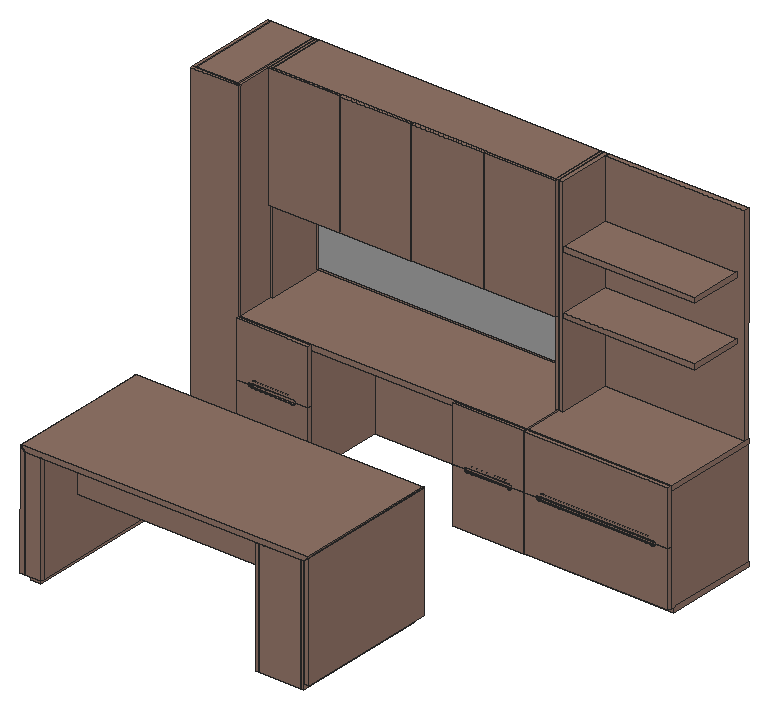
Revit family "OFS TYPICAL S100003", category Furniture, Revit 2022 (continued)
Definition of nested family "OFS SLATE CREDENZAS"
  Definition of nested family "OFS_Slate Private Office_Credenzas_Overlay Lateral File Doors"
    Forms (in)
      Sweep 14, void
        path origin (-3.76383, -25.58661, 47.24409) x (-1, 0, 0) y (0, 0, 1)
          loop
            line (-27.13633, -29.82608) -> (-40.39133, -29.82608)
            arc (-40.39133, -29.82608) -> (-41.2031, -30.63785) -> (-40.39133, -31.44961) r 0.81176
            line (-40.39133, -31.44961) -> (-27.13633, -31.44961)
            arc (-27.13633, -31.44961) -> (-26.32457, -30.63785) -> (-27.13633, -29.82608) r 0.81176
        profile origin (30, -25.58661, 17.41801) x (0, 0, -1) y (0, 1, 0)
          loop
            line (0.74926, 0) -> (0.74926, 0.59375) -> (0.23364, 0.59375)
            arc (0.23364, 0.59375) -> (0.00071, 0.38112) -> (0.19126, 0.12981) r 0.2339
            arc (0.19126, 0.12981) -> (0.23287, 0.10547) -> (0.24927, 0.06015) r 0.07084
            line (0.24927, 0.06015) -> (0.24927, 0) -> (0.74926, 0)
      Extrusion 15, solid, material <- "Drawers", visible <- "4 Drawers"
        sketch origin (30, -60, -12) x (0, 0, -1) y (0, -1, 0)
          loop
            line (-42.325, -35.16339) -> (-28.66875, -35.16339) -> (-28.66875, -34.41339) -> (-42.325, -34.41339) -> (-42.325, -35.16339)
          loop
            line (-28.54375, -35.16339) -> (-13.7, -35.16339) -> (-13.7, -34.41339) -> (-28.54375, -34.41339) -> (-28.54375, -35.16339)
        from 0.125 to 10.1875
      Extrusion 16, solid, material <- "Drawers", visible <- "4 Drawers"
        sketch origin (30, -60, -12) x (0, 0, -1) y (0, -1, 0)
          loop
            line (-42.325, -35.16339) -> (-28.66875, -35.16339) -> (-28.66875, -34.41339) -> (-42.325, -34.41339) -> (-42.325, -35.16339)
          loop
            line (-28.54375, -35.16339) -> (-13.7, -35.16339) -> (-13.7, -34.41339) -> (-28.54375, -34.41339) -> (-28.54375, -35.16339)
        from -0.125 to -10.1875
      Sweep 17, void
        path origin (-3.76383, -25.58661, 47.24409) x (-1, 0, 0) y (0, 0, 1)
          loop
            line (-16.88624, -29.82608) -> (-30.14124, -29.82608)
            arc (-30.14124, -29.82608) -> (-30.953, -30.63785) -> (-30.14124, -31.44961) r 0.81176
            line (-30.14124, -31.44961) -> (-16.88624, -31.44961)
            arc (-16.88624, -31.44961) -> (-16.07448, -30.63785) -> (-16.88624, -29.82608) r 0.81176
        profile origin (19.74991, -25.58661, 17.41801) x (0, 0, -1) y (0, 1, 0)
          loop
            line (0.74926, 0) -> (0.74926, 0.59363) -> (0.23316, 0.59363)
            arc (0.23316, 0.59363) -> (-0.0007, 0.37998) -> (0.191, 0.12781) r 0.23482
            arc (0.191, 0.12781) -> (0.23279, 0.10343) -> (0.24927, 0.05795) r 0.07102
            line (0.24927, 0.05795) -> (0.24927, 0) -> (0.74926, 0)
      Sweep 18, void
        path origin (93.76383, -25.58661, 47.24409) x (1, 0, 0) y (0, 0, -1)
          loop
            arc (-46.88624, 29.82608) -> (-46.07448, 30.63785) -> (-46.88624, 31.44961) r 0.81176
            line (-46.88624, 31.44961) -> (-60.14124, 31.44961)
            arc (-60.14124, 31.44961) -> (-60.953, 30.63785) -> (-60.14124, 29.82608) r 0.81176
            line (-60.14124, 29.82608) -> (-46.88624, 29.82608)
        profile origin (40.25009, -25.58661, 17.41801) x (0, 0, 1) y (0, 1, 0)
          loop
            line (-0.74926, 0) -> (-0.24927, 0) -> (-0.24927, 0.05795)
            arc (-0.24927, 0.05795) -> (-0.23279, 0.10343) -> (-0.191, 0.12781) r 0.07102
            arc (-0.191, 0.12781) -> (0.0007, 0.37998) -> (-0.23316, 0.59363) r 0.23482
            line (-0.23316, 0.59363) -> (-0.74926, 0.59363) -> (-0.74926, 0)
    Cuts and joins
      joined: Revolve 1, Revolve 2, Revolve 3, Revolve 4
      joined: Extrusion 8, Extrusion 10
      joined: Sweep 5, Extrusion 13
      Sweep 14 cuts Extrusion 11
      Sweep 17, Sweep 18 cuts Extrusion 15
      Sweep 18 cuts Extrusion 16
    Lines and regions (in)
      Masking region 1, visible <- "Overlay Lateral File"
        outline origin (77.82463, -60, 30.3875) x (0, -1, 0) y (1, 0, 0)
          loop
            line (-60, -77.82463) -> (-34.41339, -77.82463) -> (-34.41339, -17.82463) -> (-60, -17.82463) -> (-60, -77.82463)
    Dimensions and locks (in)
      "Width 1": plane 3 "Center (Left/Right)" to plane 5
      equal spacing: plane 3 "Center (Left/Right)", plane 17, plane 5
      locked: plane 18 to Extrusion 11 sketch curve at 0.125
      locked: plane 19 to Extrusion 11 sketch curve at 0.125
      locked: Extrusion 7 sketch curve to plane 3 "Center (Left/Right)" at 1.9375
      locked: plane 20 to Extrusion 9 sketch curve at 0.125
      equal spacing: Sweep 14 sketch curve, plane 17, Sweep 14 sketch curve
      "Length 1": Sweep 14 sketch curve to Sweep 14 sketch curve
      Extrusion 13 sketch curve to Extrusion 13 sketch curve to plane 9 = 0' - 0" locked, 0' - 1 15/16" locked
      locked: plane 3 "Center (Left/Right)" to Extrusion 13 sketch curve at 1.9375
      locked: Sweep 17 sketch curve to plane 17 at 3.62259
      "Length 1": Sweep 17 sketch curve to Sweep 17 sketch curve
      "Length 1": Sweep 18 sketch curve to Sweep 18 sketch curve
      locked: plane 17 to Sweep 18 sketch curve at 3.62259
      plane 3 "Center (Left/Right)" to plane 10 to plane 6 to plane 20 = 0' - 0 1/8" locked, 0' - 0 5/8" locked, 0' - 1 1/16" locked
      plane 22 to plane 21 to plane 4 to plane 11 to plane 5 = 0' - 0 1/8" locked, 0' - 1 1/16" locked, 0' - 0 5/8" locked, 0' - 0 1/8" locked
      "Length 2": plane 20 to plane 18
      "Length 2": plane 19 to plane 21
      aligned and locked: level to plane 2
      aligned and locked: plane 9 to Sweep 5 sketch curve
      aligned and locked: Extrusion 10 to plane 19
      aligned and locked: Extrusion 11 sketch curve to Extrusion 11 sketch curve  (x2)
      aligned and locked: cut or joined group of Extrusion 8, Extrusion 10 to plane 18
      aligned and locked: cut or joined group of Extrusion 8, Extrusion 10 to plane 19
      aligned and locked: plane 21 to Extrusion 12
      aligned and locked: plane 21 to cut or joined group of Extrusion 8, Extrusion 10
      aligned and locked: Extrusion 6 to plane 22
      aligned and locked: Extrusion 7 sketch curve to plane 22
      aligned and locked: Extrusion 13 sketch curve to plane 22
      aligned and locked: plane 5 to Extrusion 13 sketch curve
      aligned and locked: plane 9 to Extrusion 13 sketch curve  (x2)
      aligned and locked: Extrusion 13 sketch curve to plane 3 "Center (Left/Right)"
      aligned and locked: plane 22 to Extrusion 9 sketch curve
      aligned and locked: Masking region 1 sketch curve to Extrusion 7
      aligned and locked: cut or joined group of Extrusion 11, Sweep 14 to cut or joined group of Extrusion 15, Sweep 17, Sweep 18
      aligned and locked: cut or joined group of Extrusion 16, Sweep 18 to cut or joined group of Extrusion 11, Sweep 14
    Automatic sketch dimensions
      Revolve 1 sketch curve to plane 12 = 0' - 0"
      Revolve 1 sketch curve to level = 0' - 0"  (x2)
      Revolve 1 sketch curve to plane 6 = 0' - 0 7/32"
      plane 6 to Revolve 1 sketch curve = 0' - 0.02625"
      plane 6 to Revolve 1 sketch curve = 0' - 0 1/32"
      Revolve 1 sketch curve to Revolve 1 sketch curve = 0' - 0.03868"
      level to Revolve 1 sketch curve = 0' - 0.13"
      Revolve 1 sketch curve to Revolve 1 sketch curve = 0' - 0"
      Revolve 1 sketch curve to level = 0' - 0.09316"
      Revolve 2 sketch curve to plane 12 = 0' - 0"
      Revolve 2 sketch curve to level = 0' - 0"  (x2)
      Revolve 2 sketch curve to plane 4 = 0' - 0 7/32"
      plane 4 to Revolve 2 sketch curve = 0' - 0.02625"
      plane 4 to Revolve 2 sketch curve = 0' - 0 1/32"
      Revolve 2 sketch curve to Revolve 2 sketch curve = 0' - 0.03868"
      Revolve 2 sketch curve to plane 12 = 0' - 0.19756"
      Revolve 2 sketch curve to Revolve 2 sketch curve = 0' - 0"
      Revolve 2 sketch curve to Revolve 2 sketch curve = 0' - 0.09316"
      Revolve 3 sketch curve to plane 12 = 0' - 0"
      Revolve 3 sketch curve to level = 0' - 0"  (x2)
      plane 4 to Revolve 3 sketch curve = 0' - 0.06992"
      plane 4 to Revolve 3 sketch curve = 0' - 0 1/32"
      plane 4 to Revolve 3 sketch curve = 0' - 0.02625"
      Revolve 3 sketch curve to plane 4 = 0' - 0 7/32"
      level to Revolve 3 sketch curve = 0' - 0.13"
      Revolve 3 sketch curve to Revolve 3 sketch curve = 0' - 0"
      Revolve 3 sketch curve to Revolve 3 sketch curve = 0' - 0.09316"
      Revolve 4 sketch curve to plane 12 = 0' - 0"
      Revolve 4 sketch curve to level = 0' - 0"  (x2)
      Revolve 4 sketch curve to plane 6 = 0' - 0 7/32"
      plane 6 to Revolve 4 sketch curve = 0' - 0.02625"
      plane 6 to Revolve 4 sketch curve = 0' - 0 1/32"
      Revolve 4 sketch curve to Revolve 4 sketch curve = 0' - 0.03868"
      Revolve 4 sketch curve to Revolve 4 sketch curve = 0' - 0.13"
      Revolve 4 sketch curve to Revolve 4 sketch curve = 0' - 0"
      Revolve 4 sketch curve to level = 0' - 0.09316"
      Sweep 5 sketch curve to plane 5 = 0' - 0"
      Sweep 5 sketch curve to plane 3 "Center (Left/Right)" = 0' - 0"
      Sweep 5 sketch curve to plane 12 = 0' - 0"
      Sweep 5 sketch curve to profile plane = 0' - 0"
      profile plane to Sweep 5 sketch curve = 0' - 0 3/4"
      Sweep 5 sketch curve to Sweep 5 sketch curve = 0' - 1 1/4"
      Extrusion 6 sketch curve to plane 12 = 0' - 0"
      Extrusion 6 sketch curve to plane 1 "Center (Front/Back)" = 0' - 0"
      plane 14 to Extrusion 6 sketch curve = 0' - 0.62544"
      plane 13 to Extrusion 6 sketch curve = 0' - 1 3/16"
      Extrusion 7 sketch curve to plane 3 "Center (Left/Right)" = 0' - 0"
      plane 5 to Extrusion 7 sketch curve = 0' - 0"
      plane 12 to Extrusion 7 sketch curve = 0' - 1 1/4"  (x2)
      plane 13 to Extrusion 7 sketch curve = 0' - 1 3/16"  (x2)
      Extrusion 8 sketch curve to plane 8 = 0' - 0"
      plane 13 to Extrusion 8 sketch curve = 0' - 0 1/16"
      plane 8 to Extrusion 8 sketch curve = 0' - 0.26"
      plane 13 to Extrusion 8 sketch curve = 0' - 0.09911"
      Extrusion 8 sketch curve to Extrusion 8 sketch curve = 0' - 0.08838"
      plane 8 to Extrusion 8 sketch curve = 0' - 0 3/4"
      plane 13 to Extrusion 8 sketch curve = 0' - 0.50072"
      plane 12 to Extrusion 8 sketch curve = 0' - 1 1/4"
      plane 12 to Extrusion 9 sketch curve = 0' - 1 1/4"
      Extrusion 9 sketch curve to Extrusion 9 sketch curve = 0' - 0 3/4"
      Extrusion 10 sketch curve to plane 8 = 0' - 0"
      plane 13 to Extrusion 10 sketch curve = 0' - 0 1/16"
      Extrusion 10 sketch curve to Extrusion 10 sketch curve = 0' - 0.26"
      plane 13 to Extrusion 10 sketch curve = 0' - 0.09911"
      Extrusion 10 sketch curve to Extrusion 10 sketch curve = 0' - 0.08838"
      Extrusion 10 sketch curve to Extrusion 10 sketch curve = 0' - 0 3/4"
      plane 13 to Extrusion 10 sketch curve = 0' - 0.50072"
      plane 12 to Extrusion 10 sketch curve = 0' - 1 1/4"
      plane 12 to Extrusion 11 sketch curve = 0' - 1 1/4"
      plane 13 to Extrusion 11 sketch curve = 1' - 1 27/32"
      Extrusion 11 sketch curve to Extrusion 11 sketch curve = 0' - 0 1/8"
      plane 13 to Extrusion 11 sketch curve = 0' - 0 1/16"
      plane 13 to Extrusion 12 sketch curve = 0' - 0"
      plane 14 to Extrusion 12 sketch curve = 0' - 0.63677"
      Extrusion 12 sketch curve to plane 7 = 0' - 0 3/4"
      plane 13 to Extrusion 12 sketch curve = 0' - 1 3/16"
      plane 1 "Center (Front/Back)" to Extrusion 13 sketch curve = 0' - 0"  (x2)
      Sweep 14 sketch curve to plane 8 = 0' - 0"
      plane 8 to Sweep 14 sketch curve = 0' - 0.06015"
      Sweep 14 sketch curve to profile plane = 0' - 0.17843"
      Sweep 14 sketch curve to profile plane = 0' - 0.23364"
      Sweep 14 sketch curve to Sweep 14 sketch curve = 0' - 0.07084"
      Sweep 14 sketch curve to Sweep 14 sketch curve = 0' - 0 33/64"
      Sweep 14 sketch curve to Sweep 14 sketch curve = 0' - 0.2997"
      Sweep 14 sketch curve to Sweep 14 sketch curve = 0' - 0.2339"
      Extrusion 15 sketch curve to plane 8 = 0' - 0"  (x2)
      plane 13 to Extrusion 15 sketch curve = 0' - 0 1/16"
      plane 8 to Extrusion 15 sketch curve = 0' - 0 3/4"
      Extrusion 15 sketch curve to Extrusion 15 sketch curve = 1' - 1 21/32"
      Extrusion 15 sketch curve to Extrusion 15 sketch curve = 0' - 0 1/8"
      plane 12 to Extrusion 15 sketch curve = 0' - 1 1/4"
      Extrusion 15 sketch curve to Extrusion 15 sketch curve = 0' - 0 3/4"
      Extrusion 16 sketch curve to plane 8 = 0' - 0"  (x2)
      plane 13 to Extrusion 16 sketch curve = 0' - 0 1/16"
      plane 8 to Extrusion 16 sketch curve = 0' - 0 3/4"
      Extrusion 16 sketch curve to Extrusion 16 sketch curve = 1' - 1 21/32"
      Extrusion 16 sketch curve to Extrusion 16 sketch curve = 0' - 0 1/8"
      plane 12 to Extrusion 16 sketch curve = 0' - 1 1/4"
      Extrusion 16 sketch curve to Extrusion 16 sketch curve = 0' - 0 3/4"
      Sweep 17 sketch curve to plane 8 = 0' - 0"
      plane 8 to Sweep 17 sketch curve = 0' - 0.05795"
      Sweep 17 sketch curve to profile plane = 0' - 0.17825"
      Sweep 17 sketch curve to profile plane = 0' - 0.23316"
      Sweep 17 sketch curve to Sweep 17 sketch curve = 0' - 0.07102"
      Sweep 17 sketch curve to Sweep 17 sketch curve = 0' - 0.5161"
      Sweep 17 sketch curve to Sweep 17 sketch curve = 0' - 0.30087"
      Sweep 17 sketch curve to Sweep 17 sketch curve = 0' - 0.23482"
      Sweep 18 sketch curve to plane 8 = 0' - 0"
      profile plane to Sweep 18 sketch curve = 0' - 0.74926"
      profile plane to Sweep 18 sketch curve = 0' - 0.24927"
      profile plane to Sweep 18 sketch curve = 0' - 0.23316"
      Sweep 18 sketch curve to Sweep 18 sketch curve = 0' - 0.07102"
      plane 8 to Sweep 18 sketch curve = 0' - 0.05795"
      Sweep 18 sketch curve to Sweep 18 sketch curve = 0' - 0.30087"
      Sweep 18 sketch curve to Sweep 18 sketch curve = 0' - 0.23482"
      Masking region 1 sketch curve to plane 3 "Center (Left/Right)" = 0' - 0"
      Masking region 1 sketch curve to plane 8 = 0' - 0"
      Masking region 1 sketch curve to plane 5 = 0' - 0"
      plane 13 to Sweep 14 sketch curve = 1' - 2.59302"
      Sweep 14 sketch curve to Sweep 14 sketch curve = 0' - 0.81176"
      plane 13 to Sweep 17 sketch curve = 1' - 2.59302"
      Sweep 17 sketch curve to Sweep 17 sketch curve = 0' - 0.81176"
      plane 13 to Sweep 18 sketch curve = 1' - 0.96949"
      Sweep 18 sketch curve to Sweep 18 sketch curve = 0' - 0.81176"
Definition of nested family "OFS SLATE OPEN SHELF ORGANIZER"
  Parameters (values of type "Open Shelf Organizer2 Shelves - Left, 2 High - 36W x 52H")
    Width = 3' - 0"
    URL = "http://www.ofs.com/"
    Shelves = 2
    Shelf [instance] = none
    Right = no
    Panel [instance] = none
    Model = "CA-3652LS31-2"
    Manufacturer = "CAROLINA"
    Length = if(Shelves = 1, 0' 1.188", 1' 4")  # 1' - 4"
    Left = yes
    High = 2
    Height 1 = if(and(Shelves = 1, High = 1, Height = 3' 4"), 1' 7", if(and(Shelves = 1, High = 1.5, Height = 4' 4"), 2' 1", if(and(Shelves = 2, High = 1.5, Height = 4' 4"), 2' 1", 2' 7")))  # 2' - 7"
    Height = 4' - 4"
    Elevation [instance] = 2' - 5 1/4"
    Description = "OFS SLATE Open Shelf Organizer, 2 Shelves, Left 36W x 14.25D x 51.5H, Slate Private Office"
    Default Elevation = 0' - 0"
    Copyright © = "© 2019 OFS"
    Catalog = "https://ofs.com/products/tables/conference/slate"
    Authoring Version = "Autodesk Revit Architecture 2014"
    Assembly Code = "E2020200"
  Types (40): name | Width | Shelves | Right | Model | Length | Left | High | Height 1 | Height | Description
    Open Shelf Organizer2 Shelves - Left, 2 High - 36W x 52H | 3' - 0" | 2 | no | "CA-3652LS31-2" | 1' - 4" | yes | 2 | 2' - 7" | 4' - 4" | "OFS SLATE Open Shelf Organizer, 2 Shelves, Left 36W x 14.25D x 51.5H, Slate Private Office"
    Open Shelf Organizer2 Shelves - Left 2 High - 30W x 52H | 2' - 6" | 2 | no | "CA-3052LS31-2" | 1' - 4" | yes | 2 | 2' - 7" | 4' - 4" | "OFS SLATE Open Shelf Organizer, 2 Shelves, Left 30W x 14.25D x 51.5H, Slate Private Office"
    Open Shelf Organizer2 Shelves - Left 2 High - 24W x 52H | 2' - 0" | 2 | no | "CA-2452LS31-2" | 1' - 4" | yes | 2 | 2' - 7" | 4' - 4" | "OFS SLATE Open Shelf Organizer, 2 Shelves, Left 24W x 14.25D x 51.5H, Slate Private Office"
    Open Shelf Organizer2 Shelves - Left 2 High - 18W x 52H | 1' - 6" | 2 | no | "CA-1852LS31-2" | 1' - 4" | yes | 2 | 2' - 7" | 4' - 4" | "OFS SLATE Open Shelf Organizer, 2 Shelves, Left 18W x 14.25D x 51.5H, Slate Private Office"
    Open Shelf Organizer2 Shelves - Right 2 High - 36W x 52H | 3' - 0" | 2 | yes | "CA-3652RS31-2" | 1' - 4" | no | 2 | 2' - 7" | 4' - 4" | "OFS SLATE Open Shelf Organizer, 2 Shelves, Right 36W x 14.25D x 51.5H, Slate Private Office"
    Open Shelf Organizer2 Shelves - Right 2 High - 30W x 52H | 2' - 6" | 2 | yes | "CA-3052RS31-2" | 1' - 4" | no | 2 | 2' - 7" | 4' - 4" | "OFS SLATE Open Shelf Organizer, 2 Shelves, Right 30W x 14.25D x 51.5H, Slate Private Office"
    Open Shelf Organizer2 Shelves - Right 2 High - 24W x 52H | 2' - 0" | 2 | yes | "CA-2452RS31-2" | 1' - 4" | no | 2 | 2' - 7" | 4' - 4" | "OFS SLATE Open Shelf Organizer, 2 Shelves, Right 24W x 14.25D x 51.5H, Slate Private Office"
    Open Shelf Organizer2 Shelves - Right 2 High - 18W x 52H | 1' - 6" | 2 | yes | "CA-1852RS31-2" | 1' - 4" | no | 2 | 2' - 7" | 4' - 4" | "OFS SLATE Open Shelf Organizer, 2 Shelves, Right 18W x 14.25D x 51.5H, Slate Private Office"
    Open Shelf Organizer2 Shelves - Left 1.5 High - 36W x 52H | 3' - 0" | 2 | no | "CA-3652LS25-2" | 1' - 4" | yes | 1.5 | 2' - 1" | 4' - 4" | "OFS SLATE Open Shelf Organizer, 2 Shelves, Left 36W x 14.25D x 51.5H, Slate Private Office"
    Open Shelf Organizer2 Shelves - Left 1.5 High - 30W x 52H | 2' - 6" | 2 | no | "CA-3052LS25-2" | 1' - 4" | yes | 1.5 | 2' - 1" | 4' - 4" | "OFS SLATE Open Shelf Organizer, 2 Shelves, Left 30W x 14.25D x 51.5H, Slate Private Office"
    Open Shelf Organizer2 Shelves - Left 1.5 High - 24W x 52H | 2' - 0" | 2 | no | "CA-2452LS25-2" | 1' - 4" | yes | 1.5 | 2' - 1" | 4' - 4" | "OFS SLATE Open Shelf Organizer, 2 Shelves, Left 24W x 14.25D x 51.5H, Slate Private Office"
    Open Shelf Organizer2 Shelves - Left 1.5 High - 18W x 52H | 1' - 6" | 2 | no | "CA-1852LS25-2" | 1' - 4" | yes | 1.5 | 2' - 1" | 4' - 4" | "OFS SLATE Open Shelf Organizer, 2 Shelves, Left 18W x 14.25D x 51.5H, Slate Private Office"
    Open Shelf Organizer2 Shelves - Right 1.5 High - 36W x 52H | 3' - 0" | 2 | yes | "CA-3652RS25-2" | 1' - 4" | no | 1.5 | 2' - 1" | 4' - 4" | "OFS SLATE Open Shelf Organizer, 2 Shelves, Right 36W x 14.25D x 51.5H, Slate Private Office"
    Open Shelf Organizer2 Shelves - Right 1.5 High - 30W x 52H | 2' - 6" | 2 | yes | "CA-3052RS25-2" | 1' - 4" | no | 1.5 | 2' - 1" | 4' - 4" | "OFS SLATE Open Shelf Organizer, 2 Shelves, Right 30W x 14.25D x 51.5H, Slate Private Office"
    Open Shelf Organizer2 Shelves - Right 1.5 High - 24W x 52H | 2' - 0" | 2 | yes | "CA-2452RS25-2" | 1' - 4" | no | 1.5 | 2' - 1" | 4' - 4" | "OFS SLATE Open Shelf Organizer, 2 Shelves, Right 24W x 14.25D x 51.5H, Slate Private Office"
    Open Shelf Organizer2 Shelves - Right 1.5 High - 18W x 52H | 1' - 6" | 2 | yes | "CA-1852RS25-2" | 1' - 4" | no | 1.5 | 2' - 1" | 4' - 4" | "OFS SLATE Open Shelf Organizer, 2 Shelves, Right 18W x 14.25D x 51.5H, Slate Private Office"
    Open Shelf Organizer1 Shelf - Left 2 High - 36W x 52H | 3' - 0" | 1 | no | "CA-3652LS31-1" | 0' - 1.188" | yes | 2 | 2' - 7" | 4' - 4" | "OFS SLATE Open Shelf Organizer, 1 Shelf, Left 36W x 14.25D x 51.5H, Slate Private Office"
    Open Shelf Organizer1 Shelf - Left 2 High - 30W x 52H | 2' - 6" | 1 | no | "CA-3052LS31-1" | 0' - 1.188" | yes | 2 | 2' - 7" | 4' - 4" | "OFS SLATE Open Shelf Organizer, 1 Shelf, Left 30W x 14.25D x 51.5H, Slate Private Office"
    Open Shelf Organizer1 Shelf - Left 2 High - 24W x 52H | 2' - 0" | 1 | no | "CA-2452LS31-1" | 0' - 1.188" | yes | 2 | 2' - 7" | 4' - 4" | "OFS SLATE Open Shelf Organizer, 1 Shelf, Left 24W x 14.25D x 51.5H, Slate Private Office"
    Open Shelf Organizer1 Shelf - Left 2 High - 18W x 52H | 1' - 6" | 1 | no | "CA-1852LS31-1" | 0' - 1.188" | yes | 2 | 2' - 7" | 4' - 4" | "OFS SLATE Open Shelf Organizer, 1 Shelf, Left 18W x 14.25D x 51.5H, Slate Private Office"
    Open Shelf Organizer1 Shelf - Right 2 High - 36W x 52H | 3' - 0" | 1 | yes | "CA-3652RS31-1" | 0' - 1.188" | no | 2 | 2' - 7" | 4' - 4" | "OFS SLATE Open Shelf Organizer, 1 Shelf, Right 36W x 14.25D x 51.5H, Slate Private Office"
    Open Shelf Organizer1 Shelf - Right 2 High - 30W x 52H | 2' - 6" | 1 | yes | "CA-3052RS31-1" | 0' - 1.188" | no | 2 | 2' - 7" | 4' - 4" | "OFS SLATE Open Shelf Organizer, 1 Shelf, Right 30W x 14.25D x 51.5H, Slate Private Office"
    Open Shelf Organizer1 Shelf - Right 2 High - 24W x 52H | 2' - 0" | 1 | yes | "CA-2452RS31-1" | 0' - 1.188" | no | 2 | 2' - 7" | 4' - 4" | "OFS SLATE Open Shelf Organizer, 1 Shelf, Right 24W x 14.25D x 51.5H, Slate Private Office"
    Open Shelf Organizer1 Shelf - Right 2 High - 18W x 52H | 1' - 6" | 1 | yes | "CA-1852RS31-1" | 0' - 1.188" | no | 2 | 2' - 7" | 4' - 4" | "OFS SLATE Open Shelf Organizer, 1 Shelf, Right 18W x 14.25D x 51.5H, Slate Private Office"
    Open Shelf Organizer1 Shelf - Left 1.5 High - 36W x 52H | 3' - 0" | 1 | no | "CA-3652LS25-1" | 0' - 1.188" | yes | 1.5 | 2' - 1" | 4' - 4" | "OFS SLATE Open Shelf Organizer, 1 Shelf, Left 36W x 14.25D x 51.5H, Slate Private Office"
    Open Shelf Organizer1 Shelf - Left 1.5 High - 30W x 52H | 2' - 6" | 1 | no | "CA-3052LS25-1" | 0' - 1.188" | yes | 1.5 | 2' - 1" | 4' - 4" | "OFS SLATE Open Shelf Organizer, 1 Shelf, Left 30W x 14.25D x 51.5H, Slate Private Office"
    Open Shelf Organizer1 Shelf - Left 1.5 High - 24W x 52H | 2' - 0" | 1 | no | "CA-2452LS25-1" | 0' - 1.188" | yes | 1.5 | 2' - 1" | 4' - 4" | "OFS SLATE Open Shelf Organizer, 1 Shelf, Left 24W x 14.25D x 51.5H, Slate Private Office"
    Open Shelf Organizer1 Shelf - Left 1.5 High - 18W x 52H | 1' - 6" | 1 | no | "CA-1852LS25-1" | 0' - 1.188" | yes | 1.5 | 2' - 1" | 4' - 4" | "OFS SLATE Open Shelf Organizer, 1 Shelf, Left 18W x 14.25D x 51.5H, Slate Private Office"
    Open Shelf Organizer1 Shelf - Right 1.5 High - 36W x 52H | 3' - 0" | 1 | yes | "CA-3652RS25-1" | 0' - 1.188" | no | 1.5 | 2' - 1" | 4' - 4" | "OFS SLATE Open Shelf Organizer, 1 Shelf, Right 36W x 14.25D x 51.5H, Slate Private Office"
    Open Shelf Organizer1 Shelf - Right, 1.5 High - 30W x 52H | 2' - 6" | 1 | yes | "CA-3052RS25-1" | 0' - 1.188" | no | 1.5 | 2' - 1" | 4' - 4" | "OFS SLATE Open Shelf Organizer, 1 Shelf, Right 30W x 14.25D x 51.5H, Slate Private Office"
    Open Shelf Organizer1 Shelf - Right 1.5 High - 24W x 52H | 2' - 0" | 1 | yes | "CA-2452RS25-1" | 0' - 1.188" | no | 1.5 | 2' - 1" | 4' - 4" | "OFS SLATE Open Shelf Organizer, 1 Shelf, Right 24W x 14.25D x 51.5H, Slate Private Office"
    Open Shelf Organizer1 Shelf - Right 1.5 High - 18W x 52H | 1' - 6" | 1 | yes | "CA-1852RS25-1" | 0' - 1.188" | no | 1.5 | 2' - 1" | 4' - 4" | "OFS SLATE Open Shelf Organizer, 1 Shelf, Right 18W x 14.25D x 51.5H, Slate Private Office"
    Open Shelf Organizer1 Shelf - Left 1 High - 36W x 40H | 3' - 0" | 1 | no | "CA-3640LS19-1" | 0' - 1.188" | yes | 1 | 1' - 7" | 3' - 4" | "OFS SLATE Open Shelf Organizer, 1 Shelf, Left 36W x 14.25D x 39.5H, Slate Private Office"
    Open Shelf Organizer1 Shelf - Left 1 High - 30W x 40H | 2' - 6" | 1 | no | "CA-3040LS19-1" | 0' - 1.188" | yes | 1 | 1' - 7" | 3' - 4" | "OFS SLATE Open Shelf Organizer, 1 Shelf, Left 30W x 14.25D x 39.5H, Slate Private Office"
    Open Shelf Organizer1 Shelf - Left 1 High - 24W x 40H | 2' - 0" | 1 | no | "CA-2440LS19-1" | 0' - 1.188" | yes | 1 | 1' - 7" | 3' - 4" | "OFS SLATE Open Shelf Organizer, 1 Shelf, Left 24W x 14.25D x 39.5H, Slate Private Office"
    Open Shelf Organizer1 Shelf - Left 1 High - 18W x 40H | 1' - 6" | 1 | no | "CA-1840LS19-1" | 0' - 1.188" | yes | 1 | 1' - 7" | 3' - 4" | "OFS SLATE Open Shelf Organizer, 1 Shelf, Left 18W x 14.25D x 39.5H, Slate Private Office"
    Open Shelf Organizer1 Shelf - Right 1 High - 36W x 40H | 3' - 0" | 1 | yes | "CA-3640RS19-1" | 0' - 1.188" | no | 1 | 1' - 7" | 3' - 4" | "OFS SLATE Open Shelf Organizer, 1 Shelf, Right 36W x 14.25D x 39.5H, Slate Private Office"
    Open Shelf Organizer1 Shelf - Right 1 High - 30W x 40H | 2' - 6" | 1 | yes | "CA-3040RS19-1" | 0' - 1.188" | no | 1 | 1' - 7" | 3' - 4" | "OFS SLATE Open Shelf Organizer, 1 Shelf, Right 30W x 14.25D x 39.5H, Slate Private Office"
    Open Shelf Organizer1 Shelf - Right 1 High - 24W x 40H | 2' - 0" | 1 | yes | "CA-2440RS19-1" | 0' - 1.188" | no | 1 | 1' - 7" | 3' - 4" | "OFS SLATE Open Shelf Organizer, 1 Shelf, Right 24W x 14.25D x 39.5H, Slate Private Office"
    Open Shelf Organizer1 Shelf - Right 1 High - 18W x 40H | 1' - 6" | 1 | yes | "CA-1840RS19-1" | 0' - 1.188" | no | 1 | 1' - 7" | 3' - 4" | "OFS SLATE Open Shelf Organizer, 1 Shelf, Right 18W x 14.25D x 39.5H, Slate Private Office"
  Reference planes (in)
    plane 1 "Center (Front/Back)": y = 0
    plane 2: z = 0
    plane 3 "Center (Left/Right)": x = 0
    plane 4: x = 36
    plane 5: y = -14.25
    plane 6: x = 18
    plane 7: z = 29.25
    plane 8: z = 50.25
    plane 9: z = 80.75
    plane 10: y = -2.5
    plane 11: x = 1.1875
    plane 12: x = 34
    plane 13: z = 81.25
    plane 14: x = -36
    plane 15: x = -18
    plane 16: x = -1.1875
    plane 17: x = -34
    plane 18: z = 66.25
  Forms (in)
    Extrusion 1, solid, material <- "Panel", visible <- "Right"
      sketch origin (-60.37292, -60, 29.25) x (-1, 0, 0) y (0, -1, 0)
        loop
          line (-60.37292, -60) -> (-60.37292, -45.75) -> (-61.56042, -45.75) -> (-61.56042, -60) -> (-60.37292, -60)
      from 0 to 51.5
    Extrusion 2, solid, material <- "Panel", visible <- "Right"
      sketch origin (-60.37292, -60, 29.25) x (-1, 0, 0) y (0, -1, 0)
        loop
          line (-61.56042, -60) -> (-61.56042, -58.8125) -> (-96.37292, -58.8125) -> (-96.37292, -60) -> (-61.56042, -60)
      from 0 to 51.5
    Extrusion 3, solid, material <- "Shelf", visible <- "Right"
      sketch origin (-60.37292, -60, 50.25) x (-1, 0, 0) y (0, -1, 0)
        loop
          line (-61.56042, -58.8125) -> (-61.56042, -45.75) -> (-94.37292, -45.75) -> (-94.37292, -58.8125) -> (-61.56042, -58.8125)
      from 0 to 1.1875
    Extrusion 4, solid, material <- "Panel", visible <- "Left"
      sketch origin (-60.37292, -60, 29.25) x (-1, 0, 0) y (0, -1, 0)
        loop
          line (-59.18542, -60) -> (-24.37292, -60) -> (-24.37292, -58.8125) -> (-59.18542, -58.8125) -> (-59.18542, -60)
      from 0 to 51.5
    Extrusion 5, solid, material <- "Shelf", visible <- "Left"
      sketch origin (-60.37292, -60, 50.25) x (-1, 0, 0) y (0, -1, 0)
        loop
          line (-59.18542, -58.8125) -> (-26.37292, -58.8125) -> (-26.37292, -45.75) -> (-59.18542, -45.75) -> (-59.18542, -58.8125)
      from 0 to 1.1875
    Extrusion 6, solid, material <- "Panel", visible <- "Left"
      sketch origin (-60.37292, -60, 29.25) x (-1, 0, 0) y (0, -1, 0)
        loop
          line (-60.37292, -60) -> (-59.18542, -60) -> (-59.18542, -45.75) -> (-60.37292, -45.75) -> (-60.37292, -60)
      from 0 to 51.5
    Extrusion 7, solid, material <- "Shelf", visible <- "Right"
      sketch origin (-60.37292, -60, 66.25) x (-1, 0, 0) y (0, -1, 0)
        loop
          line (-61.56042, -58.8125) -> (-61.56042, -45.75) -> (-94.37292, -45.75) -> (-94.37292, -58.8125) -> (-61.56042, -58.8125)
      from 0 to -1.1875
    Extrusion 8, solid, material <- "Shelf", visible <- "Left"
      sketch origin (-60.37292, -60, 66.25) x (-1, 0, 0) y (0, -1, 0)
        loop
          line (-26.37292, -58.8125) -> (-26.37292, -45.75) -> (-59.18542, -45.75) -> (-59.18542, -58.8125) -> (-26.37292, -58.8125)
      from 0 to -1.1875
  Cuts and joins
    joined: Extrusion 3, Extrusion 7
    joined: Extrusion 5, Extrusion 8
  Lines and regions (in)
    Masking region 1, visible <- "Right"
      outline origin (72.40739, -60, 80.75) x (0, -1, 0) y (1, 0, 0)
        loop
          line (-60, -72.40739) -> (-45.75, -72.40739) -> (-45.75, -36.40739) -> (-60, -36.40739) -> (-60, -72.40739)
    Masking region 2, visible <- "Left"
      outline origin (72.40739, -60, 80.75) x (0, -1, 0) y (1, 0, 0)
        loop
          line (-60, -108.40739) -> (-45.75, -108.40739) -> (-45.75, -72.40739) -> (-60, -72.40739) -> (-60, -108.40739)
    reference lines, visible <- "Left"
      curve 1: line (-36, 0, 0) -> (0, 0, 0)
      curve 2: line (-36, -14.25, 0) -> (-36, 0, 0)
      curve 3: line (0, -14.25, 0) -> (-36, -14.25, 0)
      curve 4: line (0, 0, 0) -> (0, -14.25, 0)
    reference lines, visible <- "Right"
      curve 5: line (0, 0, 0) -> (36, 0, 0)
      curve 6: line (0, -14.25, 0) -> (0, 0, 0)
      curve 7: line (36, -14.25, 0) -> (0, -14.25, 0)
      curve 8: line (36, 0, 0) -> (36, -14.25, 0)
  Dimensions and locks (in)
    "Width": plane 3 "Center (Left/Right)" to plane 4
    equal spacing: plane 3 "Center (Left/Right)", plane 6, plane 4
    "Elevation": plane 7 to level
    locked: plane 13 to plane 9 at 0.5
    "Height": plane 13 to plane 7
    "Height 1": plane 13 to plane 8
    equal spacing: plane 14, plane 15, plane 3 "Center (Left/Right)"
    "Width": plane 14 to plane 3 "Center (Left/Right)"
    plane 16 to plane 3 "Center (Left/Right)" to plane 11 = 0' - 1 3/16" locked, 0' - 1 3/16" locked
    locked: plane 12 to plane 4 at 2
    locked: plane 14 to plane 17 at 2
    "Length": plane 18 to plane 8
    aligned and locked: level to plane 2
    aligned and locked: plane 6 to nested 1
    aligned and locked: nested 1 to plane 5
    aligned and locked: plane 1 "Center (Front/Back)" to Extrusion 1 sketch curve
    aligned and locked: plane 3 "Center (Left/Right)" to Extrusion 1 sketch curve
    aligned and locked: plane 5 to Extrusion 1 sketch curve
    aligned and locked: Extrusion 1 sketch curve to plane 11
    aligned and locked: Extrusion 1 to plane 9
    aligned and locked: Extrusion 2 sketch curve to Extrusion 1
    aligned and locked: Extrusion 1 to Extrusion 2 sketch curve
    aligned and locked: Extrusion 2 sketch curve to plane 4
    aligned and locked: Extrusion 2 to plane 9
    aligned and locked: Extrusion 3 sketch curve to Extrusion 2  (x2)
    aligned and locked: Extrusion 3 sketch curve to plane 5
    aligned and locked: plane 12 to Extrusion 3 sketch curve
    aligned and locked: Extrusion 5 sketch curve to Extrusion 4
    aligned and locked: Extrusion 5 sketch curve to plane 17
    aligned and locked: Extrusion 5 sketch curve to plane 16
    aligned and locked: Extrusion 5 sketch curve to plane 5
    aligned and locked: plane 14 to Extrusion 4 sketch curve
    aligned and locked: Extrusion 4 sketch curve to plane 16
    aligned and locked: Extrusion 4 sketch curve to plane 1 "Center (Front/Back)"
    aligned and locked: Extrusion 4 to plane 9
    aligned and locked: Extrusion 6 sketch curve to plane 1 "Center (Front/Back)"
    aligned and locked: plane 16 to Extrusion 6 sketch curve
    aligned and locked: plane 3 "Center (Left/Right)" to Extrusion 6 sketch curve
    aligned and locked: Extrusion 6 sketch curve to plane 5
    aligned and locked: Extrusion 6 to plane 9
    aligned and locked: Masking region 1 sketch curve to Extrusion 1  (x2)
    aligned and locked: Masking region 1 sketch curve to plane 5
    aligned and locked: plane 4 to Masking region 1 sketch curve
    aligned and locked: nested 2 to plane 15
    aligned and locked: nested 2 to Extrusion 5
    aligned and locked: Masking region 2 sketch curve to Extrusion 4  (x2)
    aligned and locked: Masking region 2 sketch curve to Masking region 1
    aligned and locked: Masking region 2 sketch curve to Extrusion 1
    aligned and locked: Extrusion 7 sketch curve to Extrusion 2
    aligned and locked: Extrusion 7 sketch curve to Extrusion 3  (x3)
    aligned and locked: Extrusion 8 sketch curve to Extrusion 5  (x3)
    aligned and locked: Extrusion 6 to Extrusion 8 sketch curve
    aligned and locked: curve 1 to Masking region 2
    aligned and locked: curve 2 to Masking region 2
    aligned and locked: curve 3 to Masking region 2
    aligned and locked: curve 4 to Extrusion 1
    aligned and locked: curve 1 to curve 5
    aligned and locked: curve 6 to curve 4
    aligned and locked: curve 7 to Masking region 1
    aligned and locked: curve 8 to Masking region 1
  Automatic sketch dimensions
    plane 1 "Center (Front/Back)" to Extrusion 2 sketch curve = 0' - 1 3/16"
    plane 1 "Center (Front/Back)" to Extrusion 4 sketch curve = 0' - 1 3/16"
    curve 3 to plane 14 = 0' - 0"
    curve 5 to plane 3 "Center (Left/Right)" = 0' - 0"
    curve 5 to plane 4 = 0' - 0"
    curve 8 to plane 5 = 0' - 0"
    plane 1 "Center (Front/Back)" to curve 2 = 0' - 0"
  Nested families (in)
    nested 1: "Tag" at (18, -14.25, 0), visible <- "Right", type "Center", detail levels fine
      with Offset (LR) 0' - 0", Distance of Center (not Change) 0' - 0.11"
    nested 2: "Tag" at (-18, -14.25, 0) x (-1, 0, 0) z (0, 0, 1), visible <- "Left", type "Center", detail levels fine
      with Offset (LR) 0' - 0", Distance of Center (not Change) 0' - 0.11"
  Definition of nested family "Tag"
    Parameters
      P_Width = 0' - 0"
      Text_Width = "Empty"
      Text_Height = "Empty"
      Text_Diameter = "Empty"
      Text_Depth = "Empty"
      Offset (LR) [instance] = 0' - 0"
      Model Name = "Type Catalog"
      P_Height = 0' - 0"
      Distance of Center (not Change) = 0' - 0.1"
      P_Diameter = 0' - 0"
      P_Depth = 0' - 0"
    Reference planes (in)
      plane 1: y = 0
      plane 2: x = 0
    Lines and regions (in)
      reference lines
        curve 1: line (-0.44359, 0.1, 0) -> (0.41085, 0.1, 0)
        curve 3: line (0, 0.42564, 0) -> (0, -0.30221, 0)
      reference lines, not visible
        curve 2: line (-0.44359, 0.09843, 0) -> (0.41085, 0.09843, 0)
        curve 4: line (0, 0.42407, 0) -> (0, -0.30379, 0)
    Text (in)
      label "Empty" at (0.00197, 0.0921, 0), shows "Model Name"
      label "Empty" at (0.00197, 0.09052, 0), shows "Model Name", not visible
    Dimensions and locks (in)
      "Distance of Center (not Change)": plane 1 to curve 1
      "Offset (LR)": curve 3 to plane 2
    Automatic sketch dimensions
      curve 1 to curve 3 = 0' - 0.44359"
      curve 3 to curve 1 = 0' - 0.41085"
      curve 3 to curve 1 = 0' - 0.40221"
      curve 1 to curve 3 = 0' - 0.32564"
      curve 2 to curve 4 = 0' - 0.44359"
      curve 4 to curve 2 = 0' - 0.41085"
      curve 4 to curve 2 = 0' - 0.40221"
      curve 2 to curve 4 = 0' - 0.32564"
Definition of nested family "OFS SLATE TACKBOARDS"
  Parameters (values of type "Tackboard 102W x 19D")
    Width = 8' - 6"
    URL = "http://www.ofs.com/"
    Model = "CA-10219HFT"
    Manufacturer = "CAROLINA"
    Height = 1' - 7"
    Elevation [instance] = 2' - 6 1/2"
    Description = "OFS SLATE Inside Back Panel, Fabric Tackboard, 98.50W x 19D x 0,5H, Slate Private Office"
    Default Elevation = 0' - 0"
    Copyright © = "© 2019 OFS"
    Catalog = "https://ofs.com/products/tables/conference/slate"
    Board [instance] = none
    Authoring Version = "Autodesk Revit Architecture 2014"
    Assembly Code = "E2020200"
    2 Piece = Width > 8' 0"  # yes
    1 Piece = not([2 Piece])  # no
  Types (18): name | Width | Model | Height | Description | 2 Piece | 1 Piece
    Tackboard 108W x 25D | 9' - 0" | "CA-10825HFT" | 2' - 1" | "OFS SLATE Inside Back Panel, Fabric Tackboard, 104.50W x 25D x 0,5H, Slate Private Office" | yes | no
    Tackboard 102W x 25D | 8' - 6" | "CA-10225HFT" | 2' - 1" | "OFS SLATE Inside Back Panel, Fabric Tackboard, 98.50W x 25D x 0,5H, Slate Private Office" | yes | no
    Tackboard 96W x 25D | 8' - 0" | "CA-9625HFT" | 2' - 1" | "OFS SLATE Inside Back Panel, Fabric Tackboard, 92.50W x 25D x 0,5H, Slate Private Office" | no | yes
    Tackboard 90W x 25D | 7' - 6" | "CA-9025HFT" | 2' - 1" | "OFS SLATE Inside Back Panel, Fabric Tackboard, 86.50W x 25D x 0,5H, Slate Private Office" | no | yes
    Tackboard 84W x 25D | 7' - 0" | "CA-8425HFT" | 2' - 1" | "OFS SLATE Inside Back Panel, Fabric Tackboard, 80.50W x 25D x 0,5H, Slate Private Office" | no | yes
    Tackboard 78W x 25D | 6' - 6" | "CA-7825HFT" | 2' - 1" | "OFS SLATE Inside Back Panel, Fabric Tackboard, 74.50W x 25D x 0,5H, Slate Private Office" | no | yes
    Tackboard 72W x 25D | 6' - 0" | "CA-7225HFT" | 2' - 1" | "OFS SLATE Inside Back Panel, Fabric Tackboard, 68.50W x 25D x 0,5H, Slate Private Office" | no | yes
    Tackboard 66W x 25D | 5' - 6" | "CA-6625HFT" | 2' - 1" | "OFS SLATE Inside Back Panel, Fabric Tackboard, 62.50W x 25D x 0,5H, Slate Private Office" | no | yes
    Tackboard 60W x 25D | 5' - 0" | "CA-6025HFT" | 2' - 1" | "OFS SLATE Inside Back Panel, Fabric Tackboard, 56.50W x 25D x 0,5H, Slate Private Office" | no | yes
    Tackboard 108W x 19D | 9' - 0" | "CA-10819HFT" | 1' - 7" | "OFS SLATE Inside Back Panel, Fabric Tackboard, 104.50W x 19D x 0,5H, Slate Private Office" | yes | no
    Tackboard 102W x 19D | 8' - 6" | "CA-10219HFT" | 1' - 7" | "OFS SLATE Inside Back Panel, Fabric Tackboard, 98.50W x 19D x 0,5H, Slate Private Office" | yes | no
    Tackboard 96W x 19D | 8' - 0" | "CA-9619HFT" | 1' - 7" | "OFS SLATE Inside Back Panel, Fabric Tackboard, 92.50W x 19D x 0,5H, Slate Private Office" | no | yes
    Tackboard 90W x 19D | 7' - 6" | "CA-9019HFT" | 1' - 7" | "OFS SLATE Inside Back Panel, Fabric Tackboard, 86.50W x 19D x 0,5H, Slate Private Office" | no | yes
    Tackboard 84W x 19D | 7' - 0" | "CA-8419HFT" | 1' - 7" | "OFS SLATE Inside Back Panel, Fabric Tackboard, 80.50W x 19D x 0,5H, Slate Private Office" | no | yes
    Tackboard 78W x 19D | 6' - 6" | "CA-7819HFT" | 1' - 7" | "OFS SLATE Inside Back Panel, Fabric Tackboard, 74.50W x 19D x 0,5H, Slate Private Office" | no | yes
    Tackboard 72W x 19D | 6' - 0" | "CA-7219HFT" | 1' - 7" | "OFS SLATE Inside Back Panel, Fabric Tackboard, 68.50W x 19D x 0,5H, Slate Private Office" | no | yes
    Tackboard 66W x 19D | 5' - 6" | "CA-6619HFT" | 1' - 7" | "OFS SLATE Inside Back Panel, Fabric Tackboard, 62.50W x 19D x 0,5H, Slate Private Office" | no | yes
    Tackboard 60W x 19D | 5' - 0" | "CA-6019HFT" | 1' - 7" | "OFS SLATE Inside Back Panel, Fabric Tackboard, 56.50W x 19D x 0,5H, Slate Private Office" | no | yes
  Reference planes (in)
    plane 1 "Center (Front/Back)": y = 0
    plane 2: z = 0
    plane 3 "Center (Left/Right)": x = 0
    plane 4: x = 51
    plane 5: x = 1.8125
    plane 6: x = 100.1875
    plane 7: x = 102
    plane 8: z = 30.5
    plane 9: z = 49.5
  Forms (in)
    Extrusion 1, solid, material <- "Board", visible <- "1 Piece"
      sketch origin (1.8125, -1.1875, 47.24409) x (0, -1, 0) y (0, 0, 1)
        loop
          line (-0.4375, 2.25591) -> (-0.4375, -16.74409) -> (0, -16.74409) -> (0, 2.25591) -> (-0.4375, 2.25591)
      from 0 to -98.375
    Extrusion 2, solid, material <- "Board", visible <- "2 Piece"
      sketch origin (1.8125, -1.1875, 47.24409) x (0, -1, 0) y (0, 0, 1)
        loop
          line (-0.4375, 2.25591) -> (-0.4375, -16.74409) -> (0, -16.74409) -> (0, 2.25591) -> (-0.4375, 2.25591)
      from 0 to -49.1875
    Extrusion 3, solid, material <- "Board", visible <- "2 Piece"
      sketch origin (58.1875, -1.1875, 47.24409) x (0, -1, 0) y (0, 0, -1)
        loop
          line (-0.4375, -2.25591) -> (0, -2.25591) -> (0, 16.74409) -> (-0.4375, 16.74409) -> (-0.4375, -2.25591)
      from 42 to -7.1875
  Lines and regions (in)
    Masking region 1
      outline origin (71.16612, -60, 49.5) x (0, -1, 0) y (1, 0, 0)
        loop
          line (-59.25, -69.35362) -> (-58.8125, -69.35362) -> (-58.8125, 29.02138) -> (-59.25, 29.02138) -> (-59.25, -69.35362)
    symbolic lines, visible <- "2 Piece", detail levels medium+fine
      curve 1: line (51, -1.1875, 49.5) -> (51, -0.75, 49.5)
  Dimensions and locks (in)
    locked: plane 3 "Center (Left/Right)" to plane 5 at 1.8125
    locked: plane 6 to plane 7 at 1.8125
    "Width": plane 3 "Center (Left/Right)" to plane 7
    equal spacing: plane 5, plane 4, plane 6
    "Elevation": plane 8 to level
    "Height": plane 9 to plane 8
    aligned and locked: level to plane 2
    aligned and locked: plane 8 to Extrusion 1 sketch curve
    aligned and locked: plane 9 to Extrusion 1 sketch curve
    aligned and locked: plane 6 to Extrusion 1
    aligned and locked: Extrusion 2 sketch curve to Extrusion 1  (x2)
    aligned and locked: Extrusion 2 to plane 4
    aligned and locked: plane 4 to Extrusion 3
    aligned and locked: plane 6 to Extrusion 3
    aligned and locked: plane 9 to Extrusion 3 sketch curve
    aligned and locked: plane 8 to Extrusion 3 sketch curve
    aligned and locked: nested 1 to Extrusion 3
    aligned and locked: plane 4 to nested 1
    aligned and locked: Masking region 1 sketch curve to Extrusion 1  (x2)
    aligned and locked: plane 4 to curve 1
  Automatic sketch dimensions
    plane 1 "Center (Front/Back)" to Extrusion 1 sketch curve = 0' - 0 3/4"
    Extrusion 1 sketch curve to Extrusion 1 sketch curve = 0' - 0 7/16"
    plane 1 "Center (Front/Back)" to Extrusion 2 sketch curve = 0' - 0 3/4"
    Extrusion 2 sketch curve to Extrusion 2 sketch curve = 0' - 0 7/16"
    plane 1 "Center (Front/Back)" to Extrusion 3 sketch curve = 0' - 0 3/4"
    Extrusion 3 sketch curve to Extrusion 3 sketch curve = 0' - 0 7/16"
    plane 1 "Center (Front/Back)" to Masking region 1 sketch curve = 0' - 0 3/4"
    Masking region 1 sketch curve to Masking region 1 sketch curve = 0' - 0 7/16"
    plane 1 "Center (Front/Back)" to curve 1 = 0' - 0 3/4"
    plane 1 "Center (Front/Back)" to curve 1 = 0' - 1 3/16"
  Nested families (in)
    nested 1: "Tag" at (51, -1.1875, 0), type "Center", detail levels fine
      with Offset (LR) 0' - 0", Distance of Center (not Change) 0' - 0.11"
  Definition of nested family "Tag"
    Parameters
      P_Width = 0' - 0"
      Text_Width = "Empty"
      Text_Height = "Empty"
      Text_Diameter = "Empty"
      Text_Depth = "Empty"
      Offset (LR) [instance] = 0' - 0"
      Model Name = "Type Catalog"
      P_Height = 0' - 0"
      Distance of Center (not Change) = 0' - 0.1"
      P_Diameter = 0' - 0"
      P_Depth = 0' - 0"
    Reference planes (in)
      plane 1: y = 0
      plane 2: x = 0
    Lines and regions (in)
      reference lines
        curve 1: line (-0.44359, 0.1, 0) -> (0.41085, 0.1, 0)
        curve 3: line (0, 0.42564, 0) -> (0, -0.30221, 0)
      reference lines, not visible
        curve 2: line (-0.44359, 0.09843, 0) -> (0.41085, 0.09843, 0)
        curve 4: line (0, 0.42407, 0) -> (0, -0.30379, 0)
    Text (in)
      label "Empty" at (0.00197, 0.0921, 0), shows "Model Name"
      label "Empty" at (0.00197, 0.09052, 0), shows "Model Name", not visible
    Dimensions and locks (in)
      "Distance of Center (not Change)": plane 1 to curve 1
      "Offset (LR)": curve 3 to plane 2
    Automatic sketch dimensions
      curve 1 to curve 3 = 0' - 0.44359"
      curve 3 to curve 1 = 0' - 0.41085"
      curve 3 to curve 1 = 0' - 0.40221"
      curve 1 to curve 3 = 0' - 0.32564"
      curve 2 to curve 4 = 0' - 0.44359"
      curve 4 to curve 2 = 0' - 0.41085"
      curve 4 to curve 2 = 0' - 0.40221"
      curve 2 to curve 4 = 0' - 0.32564"
Definition of nested family "OFS SLATE HIGHBACK ORGANIZER"
  Parameters (values of type "Highback Organizer 4 Doors 60W x 40H - 1 High")
    Show Doors [instance] = yes
    Width = 5' - 0"
    URL = "http://www.ofs.com/"
    Top [instance] = none
    Default Elevation = 0' - 0"
    Base Panel [instance] = none
    Panel [instance] = none
    Model = "CA-6040HD19"
    Manufacturer = "CAROLINA"
    Length 2 = if(Width > 7' 0", Length 1, Width / 2)  # 2' - 6"
    Length 1 = if(Width > 7' 0", (Width / 3) / 2, 0' 0")  # 0' - 0"
    High = 1
    Height 1 = if(and(High = 1, Height = 3' 4"), 1' 7", if(and(High = 1.5, Height = 4' 4"), 2' 1", if(and(High = 2, Height = 4' 4"), 2' 7", 2' 1")))  # 1' - 7"
    Height = 3' - 4"
    Elevation [instance] = 2' - 5 1/4"
    Doors [instance] = none
    Description = "OFS SLATE Highback Organizer 4 Doors, 60W x 15D x 39.5H, Slate Private Office"
    Copyright © = "© 2019 OFS"
    Center Doors [instance] = and(Show Doors, Width > 7' 0")  # no
    Catalog = "https://ofs.com/products/tables/conference/slate"
    Base [instance] = none
    Back [instance] = none
    Authoring Version = "Autodesk Revit Architecture 2014"
    Assembly Code = "E2020200"
  Types (27): name | Width | Model | Length 2 | Length 1 | High | Height 1 | Height | Description | Center Doors
    Highback Organizer 6 Doors 108W x 52H - 2 High | 9' - 0" | "CA-10852HD31" | 1' - 6" | 1' - 6" | 2 | 2' - 7" | 4' - 4" | "OFS SLATE Highback Organizer 6 Doors, 108W x 15D x 51.5H, Slate Private Office" | yes
    Highback Organizer 6 Doors 102W x 52H - 2 High | 8' - 6" | "CA-10252HD31" | 1' - 5" | 1' - 5" | 2 | 2' - 7" | 4' - 4" | "OFS SLATE Highback Organizer 6 Doors, 102W x 15D x 51.5H, Slate Private Office" | yes
    Highback Organizer 6 Doors 96W x 52H - 2 High | 8' - 0" | "CA-9652HD31" | 1' - 4" | 1' - 4" | 2 | 2' - 7" | 4' - 4" | "OFS SLATE Highback Organizer 6 Doors, 96W x 15D x 51.5H, Slate Private Office" | yes
    Highback Organizer 6 Doors 90W x 52H - 2 High | 7' - 6" | "CA-9052HD31" | 1' - 3" | 1' - 3" | 2 | 2' - 7" | 4' - 4" | "OFS SLATE Highback Organizer 6 Doors, 90W x 15D x 51.5H, Slate Private Office" | yes
    Highback Organizer 4 Doors 84W x 52H - 2 High | 7' - 0" | "CA-8452HD31" | 3' - 6" | 0' - 0" | 2 | 2' - 7" | 4' - 4" | "OFS SLATE Highback Organizer 4 Doors, 84W x 15D x 51.5H, Slate Private Office" | no
    Highback Organizer 4 Doors 78W x 52H - 2 High | 6' - 6" | "CA-7852HD31" | 3' - 3" | 0' - 0" | 2 | 2' - 7" | 4' - 4" | "OFS SLATE Highback Organizer 4 Doors, 78W x 15D x 51.5H, Slate Private Office" | no
    Highback Organizer 4 Doors 72W x 52H - 2 High | 6' - 0" | "CA-7252HD31" | 3' - 0" | 0' - 0" | 2 | 2' - 7" | 4' - 4" | "OFS SLATE Highback Organizer 4 Doors, 72W x 15D x 51.5H, Slate Private Office" | no
    Highback Organizer 4 Doors 66W x 52H - 2 High | 5' - 6" | "CA-6652HD31" | 2' - 9" | 0' - 0" | 2 | 2' - 7" | 4' - 4" | "OFS SLATE Highback Organizer 4 Doors, 66W x 15D x 51.5H, Slate Private Office" | no
    Highback Organizer 4 Doors 60W x 52H - 2 High | 5' - 0" | "CA-6052HD31" | 2' - 6" | 0' - 0" | 2 | 2' - 7" | 4' - 4" | "OFS SLATE Highback Organizer 4 Doors, 60W x 15D x 51.5H, Slate Private Office" | no
    Highback Organizer 6 Doors 108W x 52H - 1.5 High | 9' - 0" | "CA-10852HD25" | 1' - 6" | 1' - 6" | 1.5 | 2' - 1" | 4' - 4" | "OFS SLATE Highback Organizer 6 Doors, 108W x 15D x 51.5H, Slate Private Office" | yes
    Highback Organizer 6 Doors 102W x 52H - 1.5 High | 8' - 6" | "CA-10252HD25" | 1' - 5" | 1' - 5" | 1.5 | 2' - 1" | 4' - 4" | "OFS SLATE Highback Organizer 6 Doors, 102W x 15D x 51.5H, Slate Private Office" | yes
    Highback Organizer 6 Doors 96W x 52H - 1.5 High | 8' - 0" | "CA-9652HD25" | 1' - 4" | 1' - 4" | 1.5 | 2' - 1" | 4' - 4" | "OFS SLATE Highback Organizer 6 Doors, 96W x 15D x 51.5H, Slate Private Office" | yes
    Highback Organizer 6 Doors 90W x 52H - 1.5 High | 7' - 6" | "CA-9052HD25" | 1' - 3" | 1' - 3" | 1.5 | 2' - 1" | 4' - 4" | "OFS SLATE Highback Organizer 6 Doors, 90W x 15D x 51.5H, Slate Private Office" | yes
    Highback Organizer 4 Doors 84W x 52H - 1.5 High | 7' - 0" | "CA-8452HD25" | 3' - 6" | 0' - 0" | 1.5 | 2' - 1" | 4' - 4" | "OFS SLATE Highback Organizer 4 Doors, 84W x 15D x 51.5H, Slate Private Office" | no
    Highback Organizer 4 Doors 78W x 52H - 1.5 High | 6' - 6" | "CA-7852HD25" | 3' - 3" | 0' - 0" | 1.5 | 2' - 1" | 4' - 4" | "OFS SLATE Highback Organizer 4 Doors, 78W x 15D x 51.5H, Slate Private Office" | no
    Highback Organizer 4 Doors 72W x 52H - 1.5 High | 6' - 0" | "CA-7252HD25" | 3' - 0" | 0' - 0" | 1.5 | 2' - 1" | 4' - 4" | "OFS SLATE Highback Organizer 4 Doors, 72W x 15D x 51.5H, Slate Private Office" | no
    Highback Organizer 4 Doors 66W x 52H - 1.5 High | 5' - 6" | "CA-6652HD25" | 2' - 9" | 0' - 0" | 1.5 | 2' - 1" | 4' - 4" | "OFS SLATE Highback Organizer 4 Doors, 66W x 15D x 51.5H, Slate Private Office" | no
    Highback Organizer 4 Doors 60W x 52H - 1.5 High | 5' - 0" | "CA-6052HD25" | 2' - 6" | 0' - 0" | 1.5 | 2' - 1" | 4' - 4" | "OFS SLATE Highback Organizer 4 Doors, 60W x 15D x 51.5H, Slate Private Office" | no
    Highback Organizer 6 Doors 108W x 40H - 1 High | 9' - 0" | "CA-10840HD19" | 1' - 6" | 1' - 6" | 1 | 1' - 7" | 3' - 4" | "OFS SLATE Highback Organizer 6 Doors, 108W x 15D x 39.5H, Slate Private Office" | yes
    Highback Organizer 6 Doors 102W x 40H - 1 High | 8' - 6" | "CA-10240HD19" | 1' - 5" | 1' - 5" | 1 | 1' - 7" | 3' - 4" | "OFS SLATE Highback Organizer 6 Doors, 102W x 15D x 39.5H, Slate Private Office" | yes
    Highback Organizer 6 Doors 96W x 40H - 1 High | 8' - 0" | "CA-9640HD19" | 1' - 4" | 1' - 4" | 1 | 1' - 7" | 3' - 4" | "OFS SLATE Highback Organizer 6 Doors, 96W x 15D x 39.5H, Slate Private Office" | yes
    Highback Organizer 6 Doors 90W x 40H - 1 High | 7' - 6" | "CA-9040HD19" | 1' - 3" | 1' - 3" | 1 | 1' - 7" | 3' - 4" | "OFS SLATE Highback Organizer 6 Doors, 90W x 15D x 39.5H, Slate Private Office" | yes
    Highback Organizer 4 Doors 84W x 40H - 1 High | 7' - 0" | "CA-8440HD19" | 3' - 6" | 0' - 0" | 1 | 1' - 7" | 3' - 4" | "OFS SLATE Highback Organizer 4 Doors, 84W x 15D x 39.5H, Slate Private Office" | no
    Highback Organizer 4 Doors 78W x 40H - 1 High | 6' - 6" | "CA-7840HD19" | 3' - 3" | 0' - 0" | 1 | 1' - 7" | 3' - 4" | "OFS SLATE Highback Organizer 4 Doors, 78W x 15D x 39.5H, Slate Private Office" | no
    Highback Organizer 4 Doors 72W x 40H - 1 High | 6' - 0" | "CA-7240HD19" | 3' - 0" | 0' - 0" | 1 | 1' - 7" | 3' - 4" | "OFS SLATE Highback Organizer 4 Doors, 72W x 15D x 39.5H, Slate Private Office" | no
    Highback Organizer 4 Doors 66W x 40H - 1 High | 5' - 6" | "CA-6640HD19" | 2' - 9" | 0' - 0" | 1 | 1' - 7" | 3' - 4" | "OFS SLATE Highback Organizer 4 Doors, 66W x 15D x 39.5H, Slate Private Office" | no
    Highback Organizer 4 Doors 60W x 40H - 1 High | 5' - 0" | "CA-6040HD19" | 2' - 6" | 0' - 0" | 1 | 1' - 7" | 3' - 4" | "OFS SLATE Highback Organizer 4 Doors, 60W x 15D x 39.5H, Slate Private Office" | no
  Reference planes (in)
    plane 1 "Center (Front/Back)": y = 0
    plane 2: z = 0
    plane 3 "Center (Left/Right)": x = 0
    plane 4: x = 60
    plane 5: y = -14.25
    plane 6: x = 30
    plane 7: z = 29.25
    plane 8: z = 68.75
    plane 9: z = 68
    plane 10: z = 51.4375
    plane 11: z = 50.25
    plane 12: z = 29.75
    plane 13: z = 69.25
    plane 14: x = 30
    plane 15: x = 30
    plane 16: x = 15
    plane 17: x = 45
  Forms (in)
    Extrusion 1, solid, material <- "Panel"
      sketch origin (30, -0.75, 47.24409) x (0, 1, 0) y (0, 0, 1)
        loop
          line (0, 20.7559) -> (-13.5, 20.7559) -> (-13.5, 4.19341) -> (0, 4.19341) -> (0, 20.7559)
      from -0.375 to 0.375
    Extrusion 2, solid, material <- "Panel"
      sketch origin (30, -0.75, 47.24409) x (0, 1, 0) y (0, 0, -1)
        loop
          line (0, -20.7559) -> (0, -4.19341) -> (-13.5, -4.19341) -> (-13.5, -20.7559) -> (0, -20.7559)
      from -0.375 to 0.375
    Extrusion 3, solid, material <- "Panel"
      sketch origin (0, 0, 0) x (1, 0, 0) y (0, 0, 1)
        loop
          line (0, 68.75) -> (0, 29.25) -> (0.75, 29.25) -> (0.75, 68.75) -> (0, 68.75)
        loop
          line (60, 68.75) -> (59.25, 68.75) -> (59.25, 29.25) -> (60, 29.25) -> (60, 68.75)
      from 0 to 14.25
    Extrusion 4, solid, material <- "Back"
      sketch origin (0.75, 0, 68.75) x (0, 0, -1) y (0, 1, 0)
        loop
          line (0.75, 0) -> (0.75, -0.75) -> (39, -0.75) -> (39, 0) -> (0.75, 0)
      from 0 to 58.5
    Extrusion 5, solid, material <- "Base Panel"
      sketch origin (0.75, 0, 68.75) x (0, 0, -1) y (0, 1, 0)
        loop
          line (17.3125, -0.75) -> (17.3125, -14.25) -> (18.5, -14.25) -> (18.5, -0.75) -> (17.3125, -0.75)
      from 0 to 58.5
    Extrusion 6, solid, material <- "Top"
      sketch origin (0.75, 0, 68.75) x (0, 0, -1) y (0, 1, 0)
        loop
          line (0, 0) -> (0, -14.25) -> (0.75, -14.25) -> (0.75, 0) -> (0, 0)
      from 0 to 58.5
    Extrusion 7, solid, material <- "Doors", visible <- "Show Doors"
      sketch origin (-3.76383, -14.25, 47.24409) x (-1, 0, 0) y (0, 0, 1)
        loop
          line (-3.88883, 21.5059) -> (-18.69883, 21.5059) -> (-18.69883, 3.00591) -> (-3.88883, 3.00591) -> (-3.88883, 21.5059)
        loop
          line (-63.63883, 21.5059) -> (-63.63883, 3.00591) -> (-48.82883, 3.00591) -> (-48.82883, 21.5059) -> (-63.63883, 21.5059)
      from 0 to -0.74845
    Extrusion 8, solid, material <- "Doors", visible <- "Show Doors"
      sketch origin (-3.76383, -14.25, 47.24409) x (-1, 0, 0) y (0, 0, 1)
        loop
          line (-33.63883, 21.5059) -> (-33.63883, 3.00591) -> (-18.82883, 3.00591) -> (-18.82883, 21.5059) -> (-33.63883, 21.5059)
        loop
          line (-33.88883, 21.5059) -> (-48.69883, 21.5059) -> (-48.69883, 3.00591) -> (-33.88883, 3.00591) -> (-33.88883, 21.5059)
      from 0 to -0.74845
    Extrusion 9, solid, material <- "Doors", visible <- "Center Doors"
      sketch origin (-3.76383, -14.25, 47.24409) x (-1, 0, 0) y (0, 0, 1)
        loop
          line (-33.69883, 21.5059) -> (-33.69883, 3.00591) -> (-3.76383, 3.00591) -> (-3.76383, 21.5059) -> (-33.69883, 21.5059)
        loop
          line (-33.82883, 21.5059) -> (-63.76383, 21.5059) -> (-63.76383, 3.00591) -> (-33.82883, 3.00591) -> (-33.82883, 21.5059)
      from 0 to -0.74845
  Lines and regions (in)
    Masking region 1
      outline origin (69.63251, -60, 68.75) x (0, -1, 0) y (1, 0, 0)
        loop
          line (-60, -69.63251) -> (-45.75, -69.63251) -> (-45.75, -9.63251) -> (-60, -9.63251) -> (-60, -69.63251)
  Dimensions and locks (in)
    "Width": plane 3 "Center (Left/Right)" to plane 4
    equal spacing: plane 3 "Center (Left/Right)", plane 6, plane 4
    plane 1 "Center (Front/Back)" to plane 5 = 1' - 2 1/4"
    "Height": plane 13 to plane 7
    plane 13 to plane 8 to plane 9 = 0' - 0 1/2" locked, 0' - 0 3/4" locked
    locked: plane 10 to plane 11 at 1.1875
    locked: plane 12 to plane 7 at 0.5
    "Height 1": plane 13 to plane 11
    "Length 1": plane 14 to plane 6
    "Elevation": plane 7 to level
    "Length 1": plane 15 to plane 6
    locked: Extrusion 3 sketch curve to plane 3 "Center (Left/Right)" at 0.75
    locked: plane 4 to Extrusion 3 sketch curve at 0.75
    locked: Extrusion 7 sketch curve to plane 3 "Center (Left/Right)" at 0.125
    locked: Extrusion 7 sketch curve to plane 16 at 0.065
    locked: Extrusion 7 sketch curve to plane 17 at 0.065
    locked: plane 4 to Extrusion 7 sketch curve at 0.125
    equal spacing: plane 3 "Center (Left/Right)", plane 16, plane 14
    equal spacing: plane 15, plane 17, plane 4
    locked: plane 16 to Extrusion 8 sketch curve at 0.065
    locked: plane 14 to Extrusion 8 sketch curve at 0.125
